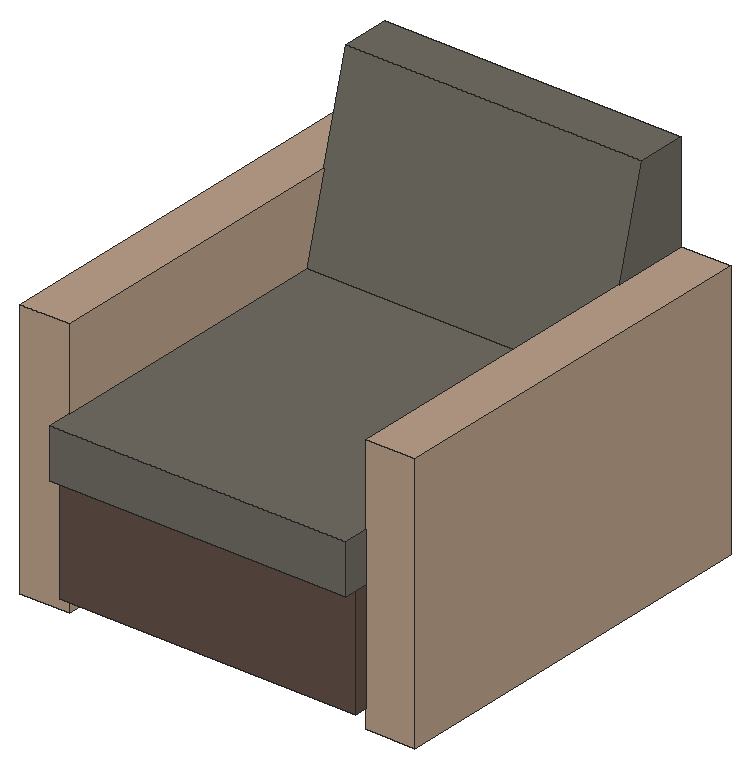
Revit family
Parameters
  width = 2' - 8"
  seat material = seat
  seat height = 1' - 2 1/2"
  base material = base
  depth = 2' - 8"
  back height = 2' - 5"
  arm thickness = 0' - 4"
  arm material = arm
  arm height = 1' - 9"
Reference planes (in)
  plane 1 "back": y = 0
  plane 2 "floor": z = 0
  plane 3 "Center L/R": x = 0
  plane 4 "front": y = -32
  plane 5 "right": x = 16
  plane 6 "right seat": x = 12
  plane 7 "left-seat": x = -12
  plane 8 "left": x = -16
  plane 9 "back heignt": z = 29
  plane 10 "seat height": z = 14.5
  plane 11 "arm height": z = 21
Forms (in)
  Extrusion 1, solid, material "seat" <- "seat material"
    sketch origin (-16, 0, 0) x (0, 1, 0) y (0, 0, 1)
      loop
        line (0, 10.5) -> (0, 29) -> (-4, 29) -> (-8, 14.5) -> (-34, 14.5) -> (-34, 10.5) -> (0, 10.5)
    from 4 to 28
  Extrusion 2, solid, material "arm" <- "arm material"
    sketch origin (-16, 0, 0) x (0, 1, 0) y (0, 0, 1)
      loop
        line (0, 21) -> (-32, 21) -> (-32, 0) -> (0, 0) -> (0, 21)
    from 0 to 4
  Extrusion 3, solid, material "arm" <- "arm material"
    sketch origin (16, 0, 0) x (0, 1, 0) y (0, 0, 1)
      loop
        line (-32, 21) -> (-32, 0) -> (0, 0) -> (0, 21) -> (-32, 21)
    from -4 to 0
  Extrusion 4, solid, material "base" <- "base material"
    sketch origin (-16, 0, 0) x (0, 1, 0) y (0, 0, 1)
      loop
        line (0, 10.5) -> (-33, 10.5) -> (-33, 1.5) -> (0, 1.5) -> (0, 10.5)
    from 4 to 28
Lines and regions (in)
  symbolic lines, style "InvisibleLines"
    curve 1: line (-8, 0, 0) -> (8, 0, 0)
    curve 2: line (0, -8, 0) -> (0, 9, 0)
